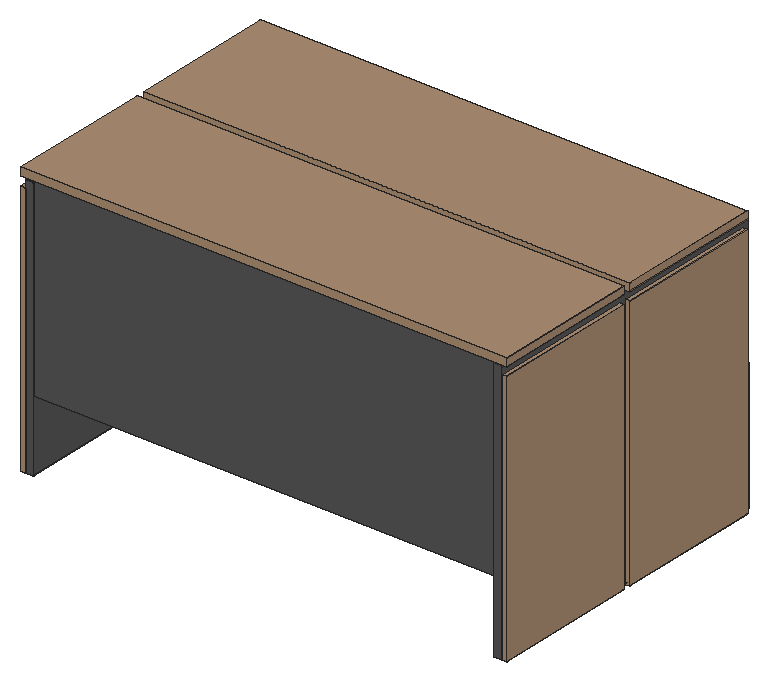
Revit family "Sanitary_Compound-Units_hansgrohe_54301XXX-Xilesa-E-Vanity-unit_980-550_2-drawers_wash-bowl-countertop-basin", category Furniture, host Face, Revit 2022
Family settings
  Host = Face
  OmniClass Number = 23.21.19.15.33.13
  OmniClass Title = Residential Bathroom Specialty Casework
  Cut with Voids When Loaded = No
  Render Appearance Source = Family Geometry
  Shared = No
  Room Calculation Point = No
Parameters (values of type "550 Cashmere Oak")
  Version = 1  # constant formula
  URL = "https://www.hansgrohe.com/"
  Product data url = "https://www.bimobject.com/en/hansgrohe/product/54301XXX"
  Product Page URL = "https://www.hansgrohe.com/articledetail--54301550"
  Model = "54301XXX"  # constant formula
  Material 3 = Hansgrohe - Metal - Black
  Material 2 = Hansgrohe - MDF - Matt Black
  Material 1 = Hansgrohe - MDF - 550 Cashmere Oak
  Manufacturer = "Hansgrohe"  # constant formula
  Height = 0 mm
  Description = "Xilesa E Vanity unit 980/550 with 2 drawers for consoles for wash bowl/countertop basin ground"  # constant formula
  Default Elevation = 0 mm
  Date Updated = ""
  Date Created = "2024/02/03"  # constant formula
Types (5, lengths in mm): name | Material 1
  (no name) | Hansgrohe - MDF - 550 Cashmere Oak
  550 Cashmere Oak | Hansgrohe - MDF - 550 Cashmere Oak
  700 Matt White | Hansgrohe - MDF - 700 Matt White
  760 Slate Matt Grey | Hansgrohe - MDF - 760 Slate Matt Grey
  780 Sand Matt Beige | Hansgrohe - MDF - 780 Sand Matt Beige
Reference planes
  plane 1 "Center (Front/Back)": y = 0
  plane 2: z = 0
  plane 3 "Center (Left/Right)": x = 0
  plane 4: x = -490
  plane 5: x = 490
  plane 6: y = -620
  plane 7: z = 548
Dimensions and locks
  aligned and locked: plane 2 to host face
  aligned and locked: level to host face
Nested families
  nested 1: "54301XXX" at (0, -620, 0) x (1, 0, 0) z (0, 1, 0), Material 1 <- "Material 1", Material 2 <- "Material 2", Material 3 <- "Material 3", type "54301XXX"
    with Material 3 Hansgrohe - Metal - Black, Material 2 Hansgrohe - MDF - Matt Black, Material 1 Hansgrohe - MDF - 550 Cashmere Oak
Definition of nested family "54301XXX"
  Parameters (values of type "54301XXX")
    Version = 1  # constant formula
    URL = "https://www.hansgrohe.com/"
    Product data url = "https://www.bimobject.com/en/hansgrohe/product/54301XXX"
    Product Page URL = "https://www.hansgrohe.com/articledetail--54301550"
    Model = "54301XXX"  # constant formula
    Material 3 [instance] = none
    Material 2 [instance] = none
    Material 1 [instance] = none
    Manufacturer = "Hansgrohe"  # constant formula
    Description = "Xilesa E Vanity unit 980/550 with 2 drawers for consoles for wash bowl/countertop basin ground"  # constant formula
    Default Elevation = 1219.2 mm
    Date Updated = ""
    Date Created = "2024/12/16"  # constant formula
  Reference planes
    plane 1 "Center (Front/Back)": y = 0
    plane 2: z = 0
    plane 3 "Center (Left/Right)": x = 0
  Forms (mm)
    Extrusion 1, solid, material <- "Material 1", detail levels medium+fine
      sketch origin (0, -80, 0) x (1, 0, 0) y (0, 1, 0)
        loop
          line (-480.6, 80) -> (-489.2, 80)
          arc (-489.2, 80) -> (-489.766, 79.766) -> (-490, 79.2) r 0.8
          line (-490, 79.2) -> (-490, -433.9)
          arc (-490, -433.9) -> (-489.766, -434.466) -> (-489.2, -434.7) r 0.8
          line (-489.2, -434.7) -> (-480.6, -434.7)
          arc (-480.6, -434.7) -> (-480.034, -434.466) -> (-479.8, -433.9) r 0.8
          line (-479.8, -433.9) -> (-479.8, 79.2)
          arc (-479.8, 79.2) -> (-480.034, 79.766) -> (-480.6, 80) r 0.8
        loop
          arc (480.6, 80) -> (480.034, 79.766) -> (479.8, 79.2) r 0.8
          line (479.8, 79.2) -> (479.8, -433.9)
          arc (479.8, -433.9) -> (480.034, -434.466) -> (480.6, -434.7) r 0.8
          line (480.6, -434.7) -> (489.2, -434.7)
          arc (489.2, -434.7) -> (489.766, -434.466) -> (490, -433.9) r 0.8
          line (490, -433.9) -> (490, 79.2)
          arc (490, 79.2) -> (489.766, 79.766) -> (489.2, 80) r 0.8
          line (489.2, 80) -> (480.6, 80)
      from 0 to 295
    Extrusion 2, solid, material <- "Material 1", detail levels medium+fine
      sketch origin (0, -170, 0) x (1, 0, 0) y (0, 1, 0)
        loop
          line (-489.2, -378) -> (489.2, -378)
          arc (489.2, -378) -> (489.766, -377.766) -> (490, -377.2) r 0.8
          line (490, -377.2) -> (490, -362.5)
          arc (490, -362.5) -> (489.766, -361.934) -> (489.2, -361.7) r 0.8
          line (489.2, -361.7) -> (-489.2, -361.7)
          arc (-489.2, -361.7) -> (-489.766, -361.934) -> (-490, -362.5) r 0.8
          line (-490, -362.5) -> (-490, -377.2)
          arc (-490, -377.2) -> (-489.766, -377.766) -> (-489.2, -378) r 0.8
      from 0 to 295
    Extrusion 3, solid, material <- "Material 2", detail levels medium+fine
      sketch origin (0, -80, 0) x (1, 0, 0) y (0, 1, 0)
        loop
          line (-479.8, 79.2) -> (-479.8, -448.9)
          arc (-479.8, -448.9) -> (-479.566, -449.466) -> (-479, -449.7) r 0.8
          line (-479, -449.7) -> (-464.6, -449.7)
          arc (-464.6, -449.7) -> (-464.034, -449.466) -> (-463.8, -448.9) r 0.8
          line (-463.8, -448.9) -> (-463.8, 79.2)
          arc (-463.8, 79.2) -> (-464.034, 79.766) -> (-464.6, 80) r 0.8
          line (-464.6, 80) -> (-479, 80)
          arc (-479, 80) -> (-479.566, 79.766) -> (-479.8, 79.2) r 0.8
        loop
          arc (479.8, 79.2) -> (479.566, 79.766) -> (479, 80) r 0.8
          line (479, 80) -> (464.6, 80)
          arc (464.6, 80) -> (464.034, 79.766) -> (463.8, 79.2) r 0.8
          line (463.8, 79.2) -> (463.8, -448.9)
          arc (463.8, -448.9) -> (464.034, -449.466) -> (464.6, -449.7) r 0.8
          line (464.6, -449.7) -> (479, -449.7)
          arc (479, -449.7) -> (479.566, -449.466) -> (479.8, -448.9) r 0.8
          line (479.8, -448.9) -> (479.8, 79.2)
      from 0 to 620
    Extrusion 4, solid, material <- "Material 2", detail levels fine
      sketch origin (0, -80, 0) x (1, 0, 0) y (0, 1, 0)
        loop
          line (-463.8, -65.2) -> (-463.8, -81.2) -> (463.8, -81.2) -> (463.8, -65.2) -> (-463.8, -65.2)
      from 17 to 125
    Extrusion 5, solid, material <- "Material 2", detail levels fine
      sketch origin (0, -80, 0) x (1, 0, 0) y (0, 1, 0)
        loop
          line (-463.8, -64.7) -> (-463.8, -451.7) -> (463.8, -451.7) -> (463.8, -64.7) -> (-463.8, -64.7)
      from 1 to 17
    Extrusion 6, solid, material <- "Material 3", detail levels fine
      sketch origin (0, -170, 0) x (1, 0, 0) y (0, 1, 0)
        loop
          line (-462.3, -356.9) -> (-462.3, -329.2) -> (-463.8, -329.2) -> (-463.8, -356.9)
          arc (-463.8, -356.9) -> (-463.126, -358.527) -> (-461.5, -359.2) r 2.3
          line (-461.5, -359.2) -> (461.5, -359.2)
          arc (461.5, -359.2) -> (463.126, -358.527) -> (463.8, -356.9) r 2.3
          line (463.8, -356.9) -> (463.8, -329.2) -> (462.3, -329.2) -> (462.3, -356.9)
          arc (462.3, -356.9) -> (462.066, -357.466) -> (461.5, -357.7) r 0.8
          line (461.5, -357.7) -> (-461.5, -357.7)
          arc (-461.5, -357.7) -> (-462.066, -357.466) -> (-462.3, -356.9) r 0.8
      from 569.5 to 619.5
    Extrusion 7, solid, material <- "Material 3", detail levels fine
      sketch origin (250, -80, 1) x (1, 0, 0) y (0, 0, 1)
        loop
          line (198.3, 213.03) -> (198.3, 231.03) -> (183.3, 231.03) -> (183.3, 224.03) -> (192.95, 224.03) -> (192.95, 213.03) -> (198.3, 213.03)
      from 88.7 to 361.7
    Extrusion 8, solid, material <- "Material 3", detail levels fine
      sketch origin (250, -80, 1) x (1, 0, 0) y (0, 0, 1)
        loop
          line (200.05, 211.28) -> (200.05, 232.78) -> (181.55, 232.78) -> (181.55, 211.28) -> (200.05, 211.28)
      from 451.7 to 361.7
    Extrusion 9, solid, material <- "Material 3", detail levels fine
      sketch origin (0, -80, 1) x (1, 0, 0) y (0, 0, 1)
        loop
          line (-442.5, 223.8) -> (-442.5, 113.608) -> (-448.2, 97.947) -> (-448.2, 48) -> (-419.9, 48) -> (-419.9, 223.8) -> (-442.5, 223.8)
        loop
          line (442.5, 223.8) -> (419.9, 223.8) -> (419.9, 48) -> (448.2, 48) -> (448.2, 97.947) -> (442.5, 113.608) -> (442.5, 223.8)
      from 91.9 to 109.4
    Extrusion 10, void
      sketch origin (0, -80, 1) x (1, 0, 0) y (0, 0, 1)
        loop
          line (-441.5, 222.8) -> (-441.5, 113.431) -> (-447.2, 97.771) -> (-447.2, 49) -> (-420.9, 49) -> (-420.9, 222.8) -> (-441.5, 222.8)
        loop
          line (441.5, 222.8) -> (420.9, 222.8) -> (420.9, 49) -> (447.2, 49) -> (447.2, 97.771) -> (441.5, 113.431) -> (441.5, 222.8)
      from 91.9 to 108.7
    Extrusion 11, solid, material <- "Material 2", detail levels fine
      sketch origin (0, -80, 0) x (0, 1, 0) y (0, 0, 1)
        loop
          line (-92.7, 35.48) -> (-92.7, 114.5)
          arc (-92.7, 114.5) -> (-92.847, 114.854) -> (-93.2, 115) r 0.5
          line (-93.2, 115) -> (-108.2, 115)
          arc (-108.2, 115) -> (-108.554, 114.854) -> (-108.7, 114.5) r 0.5
          line (-108.7, 114.5) -> (-108.7, 35.48)
          arc (-108.7, 35.48) -> (-108.554, 35.126) -> (-108.2, 34.98) r 0.5
          line (-108.2, 34.98) -> (-93.2, 34.98)
          arc (-93.2, 34.98) -> (-92.847, 35.126) -> (-92.7, 35.48) r 0.5
      from -420 to 420
    Extrusion 12, solid, material <- "Material 3", detail levels fine
      sketch origin (-250, -80, 1) x (-1, 0, 0) y (0, 0, -1)
        loop
          line (198.3, -213.03) -> (192.95, -213.03) -> (192.95, -224.03) -> (183.3, -224.03) -> (183.3, -231.03) -> (198.3, -231.03) -> (198.3, -213.03)
      from 88.7 to 361.7
    Extrusion 13, solid, material <- "Material 3", detail levels fine
      sketch origin (-250, -80, 1) x (-1, 0, 0) y (0, 0, -1)
        loop
          line (200.05, -211.28) -> (181.55, -211.28) -> (181.55, -232.78) -> (200.05, -232.78) -> (200.05, -211.28)
      from 451.7 to 361.7
    Extrusion 14, solid, material <- "Material 1", detail levels coarse
      sketch origin (0, 0, 0) x (1, 0, 0) y (0, 1, 0)
        loop
          line (-490, -548) -> (490, -548) -> (490, 0) -> (463.8, 0) -> (463.8, -531.7) -> (-463.8, -531.7) -> (-463.8, 0) -> (-490, 0) -> (-490, -548)
      from 0 to 620
    Extrusion 15, solid, material <- "Material 1", detail levels medium+fine
      sketch origin (0, -80, 0) x (1, 0, 0) y (0, 1, 0)
        loop
          line (-480.6, 80) -> (-489.2, 80)
          arc (-489.2, 80) -> (-489.766, 79.766) -> (-490, 79.2) r 0.8
          line (-490, 79.2) -> (-490, -433.9)
          arc (-490, -433.9) -> (-489.766, -434.466) -> (-489.2, -434.7) r 0.8
          line (-489.2, -434.7) -> (-480.6, -434.7)
          arc (-480.6, -434.7) -> (-480.034, -434.466) -> (-479.8, -433.9) r 0.8
          line (-479.8, -433.9) -> (-479.8, 79.2)
          arc (-479.8, 79.2) -> (-480.034, 79.766) -> (-480.6, 80) r 0.8
        loop
          arc (480.6, 80) -> (480.034, 79.766) -> (479.8, 79.2) r 0.8
          line (479.8, 79.2) -> (479.8, -433.9)
          arc (479.8, -433.9) -> (480.034, -434.466) -> (480.6, -434.7) r 0.8
          line (480.6, -434.7) -> (489.2, -434.7)
          arc (489.2, -434.7) -> (489.766, -434.466) -> (490, -433.9) r 0.8
          line (490, -433.9) -> (490, 79.2)
          arc (490, 79.2) -> (489.766, 79.766) -> (489.2, 80) r 0.8
          line (489.2, 80) -> (480.6, 80)
      from 310 to 605
    Extrusion 16, solid, material <- "Material 1", detail levels medium+fine
      sketch origin (0, -170, 0) x (1, 0, 0) y (0, 1, 0)
        loop
          line (-489.2, -378) -> (489.2, -378)
          arc (489.2, -378) -> (489.766, -377.766) -> (490, -377.2) r 0.8
          line (490, -377.2) -> (490, -362.5)
          arc (490, -362.5) -> (489.766, -361.934) -> (489.2, -361.7) r 0.8
          line (489.2, -361.7) -> (-489.2, -361.7)
          arc (-489.2, -361.7) -> (-489.766, -361.934) -> (-490, -362.5) r 0.8
          line (-490, -362.5) -> (-490, -377.2)
          arc (-490, -377.2) -> (-489.766, -377.766) -> (-489.2, -378) r 0.8
      from 310 to 605
    Extrusion 17, solid, material <- "Material 2", detail levels fine
      sketch origin (0, -80, 311) x (1, 0, 0) y (0, 0, 1)
        loop
          line (-422.898, 33.98) -> (422.898, 33.98) -> (422.898, 48.98) -> (-422.898, 48.98) -> (-422.898, 33.98)
      from 109.4 to 451.7
    Extrusion 18, solid, material <- "Material 3", detail levels fine
      sketch origin (250, -80, 311) x (1, 0, 0) y (0, 0, 1)
        loop
          line (198.3, 213.03) -> (198.3, 231.03) -> (183.3, 231.03) -> (183.3, 224.03) -> (192.95, 224.03) -> (192.95, 213.03) -> (198.3, 213.03)
      from 88.7 to 361.7
    Extrusion 19, solid, material <- "Material 3", detail levels fine
      sketch origin (250, -80, 311) x (1, 0, 0) y (0, 0, 1)
        loop
          line (200.05, 211.28) -> (200.05, 232.78) -> (181.55, 232.78) -> (181.55, 211.28) -> (200.05, 211.28)
      from 451.7 to 361.7
    Extrusion 20, solid, material <- "Material 3", detail levels fine
      sketch origin (0, -80, 311) x (1, 0, 0) y (0, 0, 1)
        loop
          line (-442.5, 223.8) -> (-442.5, 113.608) -> (-448.2, 97.947) -> (-448.2, 48) -> (-419.9, 48) -> (-419.9, 223.8) -> (-442.5, 223.8)
        loop
          line (442.5, 223.8) -> (419.9, 223.8) -> (419.9, 48) -> (448.2, 48) -> (448.2, 97.947) -> (442.5, 113.608) -> (442.5, 223.8)
      from 91.9 to 109.4
    Extrusion 21, void
      sketch origin (0, -80, 311) x (1, 0, 0) y (0, 0, 1)
        loop
          line (-441.5, 222.8) -> (-441.5, 113.431) -> (-447.2, 97.771) -> (-447.2, 49) -> (-420.9, 49) -> (-420.9, 222.8) -> (-441.5, 222.8)
        loop
          line (441.5, 222.8) -> (420.9, 222.8) -> (420.9, 49) -> (447.2, 49) -> (447.2, 97.771) -> (441.5, 113.431) -> (441.5, 222.8)
      from 91.9 to 108.7
    Extrusion 22, solid, material <- "Material 3", detail levels fine
      sketch origin (-250, -80, 311) x (-1, 0, 0) y (0, 0, -1)
        loop
          line (198.3, -213.03) -> (192.95, -213.03) -> (192.95, -224.03) -> (183.3, -224.03) -> (183.3, -231.03) -> (198.3, -231.03) -> (198.3, -213.03)
      from 88.7 to 361.7
    Extrusion 23, solid, material <- "Material 3", detail levels fine
      sketch origin (-250, -80, 311) x (-1, 0, 0) y (0, 0, -1)
        loop
          line (200.05, -211.28) -> (181.55, -211.28) -> (181.55, -232.78) -> (200.05, -232.78) -> (200.05, -211.28)
      from 451.7 to 361.7
    Extrusion 24, solid, material <- "Material 3", detail levels fine
      sketch origin (0, -170, 0) x (1, 0, 0) y (0, 1, 0)
        loop
          line (-462.3, -356.9) -> (-462.3, -329.2) -> (-463.8, -329.2) -> (-463.8, -356.9)
          arc (-463.8, -356.9) -> (-463.126, -358.527) -> (-461.5, -359.2) r 2.3
          line (-461.5, -359.2) -> (461.5, -359.2)
          arc (461.5, -359.2) -> (463.126, -358.527) -> (463.8, -356.9) r 2.3
          line (463.8, -356.9) -> (463.8, -329.2) -> (462.3, -329.2) -> (462.3, -356.9)
          arc (462.3, -356.9) -> (462.066, -357.466) -> (461.5, -357.7) r 0.8
          line (461.5, -357.7) -> (-461.5, -357.7)
          arc (-461.5, -357.7) -> (-462.066, -357.466) -> (-462.3, -356.9) r 0.8
      from 277 to 327
    Extrusion 25, solid, material <- "Material 2", detail levels fine
      sketch origin (0, -80, 1) x (1, 0, 0) y (0, 0, 1)
        loop
          line (-422.898, 33.98) -> (422.898, 33.98) -> (422.898, 48.98) -> (-422.898, 48.98) -> (-422.898, 33.98)
      from 109.4 to 451.7
    Extrusion 26, solid, material <- "Material 2", detail levels fine
      sketch origin (0, -80, 310) x (0, 1, 0) y (0, 0, 1)
        loop
          line (-92.7, 35.48) -> (-92.7, 114.5)
          arc (-92.7, 114.5) -> (-92.847, 114.854) -> (-93.2, 115) r 0.5
          line (-93.2, 115) -> (-108.2, 115)
          arc (-108.2, 115) -> (-108.554, 114.854) -> (-108.7, 114.5) r 0.5
          line (-108.7, 114.5) -> (-108.7, 35.48)
          arc (-108.7, 35.48) -> (-108.554, 35.127) -> (-108.2, 34.98) r 0.5
          line (-108.2, 34.98) -> (-93.2, 34.98)
          arc (-93.2, 34.98) -> (-92.847, 35.127) -> (-92.7, 35.48) r 0.5
      from -420 to 420
    Extrusion 27, solid, material <- "Material 3", detail levels fine
      sketch origin (0, -80, 311) x (1, 0, 0) y (0, 0, 1)
        loop
          line (452.091, 33.98) -> (452.091, 115.48) -> (433.591, 115.48) -> (432.786, 100.114) -> (430.22, 99.98) -> (427.791, 53.623)
          arc (427.791, 53.623) -> (426.271, 50.325) -> (422.898, 48.98) r 4.9
          line (422.898, 48.98) -> (422.898, 33.98) -> (452.091, 33.98)
        loop
          line (-452.091, 33.98) -> (-422.898, 33.98) -> (-422.898, 48.98)
          arc (-422.898, 48.98) -> (-426.271, 50.325) -> (-427.791, 53.623) r 4.9
          line (-427.791, 53.623) -> (-430.22, 99.98) -> (-432.786, 100.114) -> (-433.591, 115.48) -> (-452.091, 115.48) -> (-452.091, 33.98)
      from 109.4 to 451.7
    Extrusion 28, solid, material <- "Material 3", detail levels fine
      sketch origin (0, -80, 1) x (1, 0, 0) y (0, 0, 1)
        loop
          line (452.091, 33.98) -> (452.091, 115.48) -> (433.591, 115.48) -> (432.786, 100.114) -> (430.22, 99.98) -> (427.791, 53.623)
          arc (427.791, 53.623) -> (426.271, 50.325) -> (422.898, 48.98) r 4.9
          line (422.898, 48.98) -> (422.898, 33.98) -> (452.091, 33.98)
        loop
          line (-452.091, 33.98) -> (-422.898, 33.98) -> (-422.898, 48.98)
          arc (-422.898, 48.98) -> (-426.271, 50.325) -> (-427.791, 53.623) r 4.9
          line (-427.791, 53.623) -> (-430.22, 99.98) -> (-432.786, 100.114) -> (-433.591, 115.48) -> (-452.091, 115.48) -> (-452.091, 33.98)
      from 109.4 to 451.7
  Cuts and joins
    Extrusion 10 cuts Extrusion 9
    Extrusion 21 cuts Extrusion 20
  Lines and regions (mm)
    Masking region 1
      outline origin (0, -80, 0) x (1, 0, 0) y (0, 1, 0)
        loop
          line (-490, 79.2) -> (-490, -433.9)
          arc (-490, -433.9) -> (-489.766, -434.466) -> (-489.2, -434.7) r 0.8
          line (-489.2, -434.7) -> (-480.6, -434.7)
          arc (-480.6, -434.7) -> (-480.034, -434.466) -> (-479.8, -433.9) r 0.8
          line (-479.8, -433.9) -> (-479.8, -451.7) -> (-489.2, -451.7)
          arc (-489.2, -451.7) -> (-489.766, -451.934) -> (-490, -452.5) r 0.8
          line (-490, -452.5) -> (-490, -467.2)
          arc (-490, -467.2) -> (-489.766, -467.766) -> (-489.2, -468) r 0.8
          line (-489.2, -468) -> (0, -468) -> (489.2, -468)
          arc (489.2, -468) -> (489.766, -467.766) -> (490, -467.2) r 0.8
          line (490, -467.2) -> (490, -452.5)
          arc (490, -452.5) -> (489.766, -451.934) -> (489.2, -451.7) r 0.8
          line (489.2, -451.7) -> (479.8, -451.7) -> (479.8, -433.9)
          arc (479.8, -433.9) -> (480.034, -434.466) -> (480.6, -434.7) r 0.8
          line (480.6, -434.7) -> (489.2, -434.7)
          arc (489.2, -434.7) -> (489.766, -434.466) -> (490, -433.9) r 0.8
          line (490, -433.9) -> (490, 79.2)
          arc (490, 79.2) -> (489.766, 79.766) -> (489.2, 80) r 0.8
          line (489.2, 80) -> (480.6, 80)
          arc (480.6, 80) -> (480.034, 79.766) -> (479.8, 79.2) r 0.8
          arc (479.8, 79.2) -> (479.566, 79.766) -> (479, 80) r 0.8
          line (479, 80) -> (464.6, 80)
          arc (464.6, 80) -> (464.034, 79.766) -> (463.8, 79.2) r 0.8
          line (463.8, 79.2) -> (463.8, -64.7) -> (0, -64.7) -> (-463.8, -64.7) -> (-463.8, 79.2)
          arc (-463.8, 79.2) -> (-464.034, 79.766) -> (-464.6, 80) r 0.8
          line (-464.6, 80) -> (-479, 80)
          arc (-479, 80) -> (-479.566, 79.766) -> (-479.8, 79.2) r 0.8
          arc (-479.8, 79.2) -> (-480.034, 79.766) -> (-480.6, 80) r 0.8
          line (-480.6, 80) -> (-489.2, 80)
          arc (-489.2, 80) -> (-489.766, 79.766) -> (-490, 79.2) r 0.8
    Masking region 2
      outline origin (0, 0, 0) x (0, 1, 0) y (0, 0, 1)
        loop
          line (-529.7, 620) -> (-529.7, 543.78) -> (-531.7, 543.78) -> (-531.7, 605) -> (-548, 605) -> (-548, 310) -> (-531.7, 310) -> (-531.7, 344.98) -> (-529.7, 344.98) -> (-529.7, 233.78) -> (-531.7, 233.78) -> (-531.7, 295) -> (-548, 295) -> (-548, 0) -> (-531.7, 0) -> (-531.7, 34.98) -> (-529.7, 34.98) -> (-529.7, 0) -> (0, 0) -> (0, 620) -> (-529.7, 620)
    Masking region 3
      outline origin (0, 0, 0) x (1, 0, 0) y (0, 0, 1)
        loop
          line (-490, 605) -> (-490, 310) -> (-479.8, 310) -> (-479.8, 295) -> (-490, 295) -> (-490, 0) -> (0, 0) -> (490, 0) -> (490, 295) -> (479.8, 295) -> (479.8, 310) -> (490, 310) -> (490, 605) -> (479.8, 605) -> (479.8, 620) -> (0, 620) -> (-479.8, 620) -> (-479.8, 605) -> (-490, 605)
    symbolic lines, detail levels medium+fine
      curve 1: line (-479.8, -531.7, 0) -> (0, -531.7, 0)
      curve 2: line (-463.8, -144.7, 0) -> (-463.8, -531.7, 0)
      curve 3: line (-479.8, -0.8, 0) -> (-479.8, -513.9, 0)
      curve 4: line (-463.8, -161.2, 0) -> (0, -161.2, 0)
      curve 25: line (479.8, -531.7, 0) -> (0, -531.7, 0)
      curve 26: line (463.8, -144.7, 0) -> (463.8, -531.7, 0)
      curve 27: line (479.8, -0.8, 0) -> (479.8, -513.9, 0)
      curve 28: line (463.8, -161.2, 0) -> (0, -161.2, 0)
      curve 49: line (0, -531.7, 33.98) -> (0, -531.7, 233.78)
      curve 50: line (0, -529.7, 543.78) -> (0, -529.7, 344.98)
      curve 53: line (0, -531.7, 212.28) -> (0, -529.7, 212.28)
      curve 54: line (0, -531.7, 116.48) -> (0, -529.7, 116.48)
      curve 55: line (-479.8, 0, 605) -> (479.8, 0, 605)
      curve 56: line (-463.8, 0, 620) -> (-463.8, 0, 605)
      curve 57: line (463.8, 0, 620) -> (463.8, 0, 605)
      curve 62: line (0, -531.7, 344.98) -> (0, -531.7, 543.78)
      curve 63: line (0, -529.7, 233.78) -> (0, -529.7, 33.98)
      curve 65: line (-479.8, 0, 310) -> (479.8, 0, 310)
      curve 66: line (479.8, 0, 295) -> (-479.8, 0, 295)
    symbolic lines, detail levels fine
      curve 5: line (-452.091, -161.2, 0) -> (-452.091, -527.7, 0)
      curve 6: line (-430.22, -161.2, 0) -> (-430.22, -171.9, 0)
      curve 7: line (0, -171.9, 0) -> (-433.3, -171.9, 0)
      curve 8: line (-433.3, -189.4, 0) -> (0, -189.4, 0)
      curve 9: line (-448.3, -168.7, 0) -> (-448.3, -441.7, 0)
      curve 10: line (-433.3, -168.7, 0) -> (-448.3, -168.7, 0)
      curve 11: line (-450.05, -441.7, 0) -> (-450.05, -527.7, 0)
      curve 12: line (-450.05, -441.7, 0) -> (-431.55, -441.7, 0)
      curve 13: line (-431.55, -441.7, 0) -> (-431.55, -527.7, 0)
      curve 14: line (0, -527.7, 0) -> (-461.5, -527.7, 0)
      curve 15: arc (-461.5, -527.7, 0) -> (-462.066, -527.466, 0) -> (-462.3, -526.9, 0) r 0.8
      curve 16: line (-462.3, -526.9, 0) -> (-462.3, -499.2, 0)
      curve 17: line (-462.3, -499.2, 0) -> (-463.8, -499.2, 0)
      curve 18: arc (-463.8, -526.9, 0) -> (-463.126, -528.527, 0) -> (-461.5, -529.2, 0) r 2.3
      curve 19: line (-461.5, -529.2, 0) -> (0, -529.2, 0)
      curve 20: line (-452.091, -529.2, 0) -> (-452.091, -531.7, 0)
      curve 21: line (-450.05, -529.2, 0) -> (-450.05, -531.7, 0)
      curve 22: line (-433.3, -441.7, 0) -> (-433.3, -168.7, 0)
      curve 23: line (-431.55, -529.2, 0) -> (-431.55, -531.7, 0)
      curve 24: line (-430.22, -529.2, 0) -> (-430.22, -531.7, 0)
      curve 29: line (452.091, -161.2, 0) -> (452.091, -527.7, 0)
      curve 30: line (430.22, -161.2, 0) -> (430.22, -171.9, 0)
      curve 31: line (0, -171.9, 0) -> (433.3, -171.9, 0)
      curve 32: line (433.3, -189.4, 0) -> (0, -189.4, 0)
      curve 33: line (448.3, -168.7, 0) -> (448.3, -441.7, 0)
      curve 34: line (433.3, -168.7, 0) -> (448.3, -168.7, 0)
      curve 35: line (450.05, -441.7, 0) -> (450.05, -527.7, 0)
      curve 36: line (450.05, -441.7, 0) -> (431.55, -441.7, 0)
      curve 37: line (431.55, -441.7, 0) -> (431.55, -527.7, 0)
      curve 38: line (0, -527.7, 0) -> (461.5, -527.7, 0)
      curve 39: arc (461.5, -527.7, 0) -> (462.066, -527.466, 0) -> (462.3, -526.9, 0) r 0.8
      curve 40: line (462.3, -526.9, 0) -> (462.3, -499.2, 0)
      curve 41: line (462.3, -499.2, 0) -> (463.8, -499.2, 0)
      curve 42: arc (463.8, -526.9, 0) -> (463.126, -528.527, 0) -> (461.5, -529.2, 0) r 2.3
      curve 43: line (461.5, -529.2, 0) -> (0, -529.2, 0)
      curve 44: line (452.091, -529.2, 0) -> (452.091, -531.7, 0)
      curve 45: line (450.05, -529.2, 0) -> (450.05, -531.7, 0)
      curve 46: line (433.3, -441.7, 0) -> (433.3, -168.7, 0)
      curve 47: line (431.55, -529.2, 0) -> (431.55, -531.7, 0)
      curve 48: line (430.22, -529.2, 0) -> (430.22, -531.7, 0)
      curve 51: line (0, 0, 605) -> (0, -514.7, 605)
      curve 52: line (0, -514.7, 605) -> (0, -514.7, 310)
      curve 58: line (0, -514.7, 310) -> (0, 0, 310)
      curve 59: line (0, 0, 295) -> (0, -514.7, 295)
      curve 60: line (0, -514.7, 295) -> (0, -514.7, 0)
      curve 61: line (0, -531.7, 522.28) -> (0, -529.7, 522.28)
      curve 64: line (0, -529.7, 426.5) -> (0, -531.7, 426.5)
      curve 67: line (430.22, -189.4, 0) -> (430.22, -527.7, 0)
      curve 68: line (-430.22, -189.4, 0) -> (-430.22, -527.7, 0)
  Dimensions and locks
    aligned and locked: level to plane 2
    aligned and locked: Extrusion 18 to Extrusion 19
